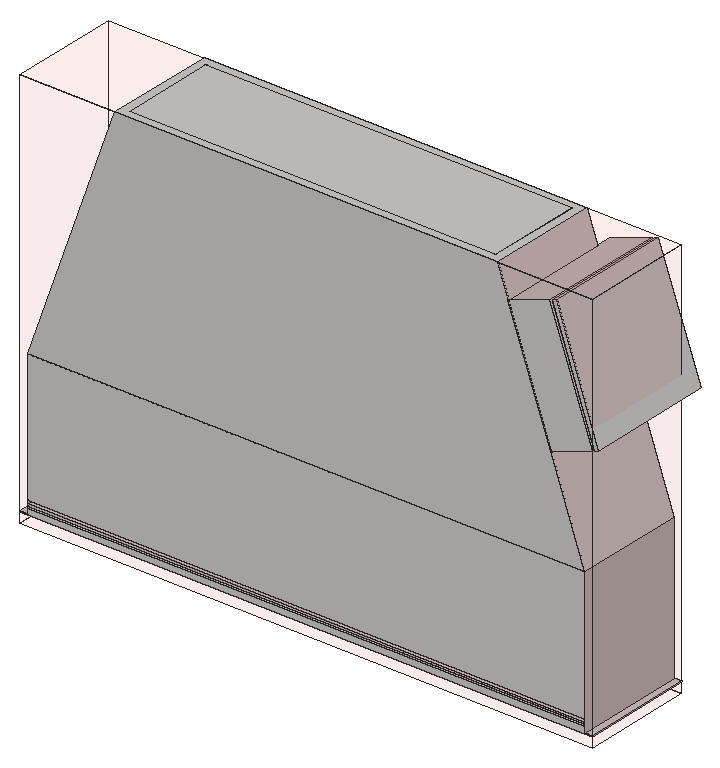
Revit family "Air-Curtain_Industrial_PoweredAire_Gas-Direct", category Mechanical Equipment, host Face, Revit 2017
Family settings
  Host = Face
  Round Connector Dimension = Use Diameter
  Part Type = Normal
  OmniClass Number = 23.75.35.17.21
  OmniClass Title = Air Curtains
  Cut with Voids When Loaded = No
  Shared = No
  Room Calculation Point = No
Parameters
  topbracket [instance] = Unit Height = 1' 4 3/4"  # no
  Warranty Duration (Years) = 0
  Unit Width Notes = "Other Widths available."  # constant formula
  Unit Width = 9' - 0"
  Unit Weight = 0
  Unit Height = 1' - 9"
  Unit Depth = 2' - 3 1/4"
  URL = "http://www.poweredaire.com/"
  Test Data = ""
  Standards Conformance = "as Specified"
  Specification = "http://www.arcat.com/sdspecs/htm04/23_34_33pai.htm"
  SpecWizard = ""
  Sound Pressure = "as Specified"
  Sales Information = "http://www.poweredaire.com/contact_us"
  Revision = "R1_2016-08"
  Projection from Host [instance] = 0' - 2"
  Product Properties = ""
  Product Data = "http://www.arcat.com/arcatcos/cos47/arc47623.html"
  Power Rating = 0 W
  Piping_Operating Pressure [instance] = 0.00 psi
  Pipe OD [instance] = 5/8"
  Overall Depth = 6' - 1 3/4"
  Nozzle Width = if(1 = 1, Unit Width - 0' 3", 0' 0")  # 8' - 9"
  Mounting Width = if(1 = 1, Unit Width - 0' 1 1/2", 0' 0")  # 8' - 10 1/2"
  Mounting Height [instance] = 3' - 6"
  Motor RPM = 0
  Motor HP = 0
  Motor Count = 0
  Model = "As Specified"
  Max Height = 0' - 0"
  Manufacturer Website = "http://www.poweredaire.com/"
  Manufacturer Phone - Toll Free = "888-321-2473"
  Manufacturer Phone = "724-588-3305"
  Manufacturer Fax = "724-588-3371"
  Manufacturer Address = "109 Mortensen Rd.  Greenville, PA 16125"
  Manufacturer = "Powered Aire, Inc"
  Maintenance Schedule (Months) = 0
  Keynote = "23 34 33"
  Intake Width = 6' - 0 1/16"
  Installation-Fabrication = ""
  Installation Phase = ""
  Include Clearance [instance] = yes
  Heating Element Load = 0 W
  Filter Weight = 0
  Front Grating Material [instance] = Metal - Steel - PoweredAire - Stainless 304 Perforated
  HVAC_Temperature Rise = 0 °F
  HVAC_Primary CFM = 0 CFM
  HVAC_Outlet Volume = 0 CFM
  HVAC_Outlet Velocity Uniformity = 0
  HVAC_Outlet Velocity = 0 FPM
  HVAC_Exit Temperature [instance] = 0 °F
  HVAC_BTU Output = 0.0 Btu/h
  HVAC_BTU Input = 0.0 Btu/h
  Green Building-LEED = "http://www.arcat.com/green/clients/leed_data_47623.html"
  Gas Connection Diameter [instance] = 0"
  Frame Finish [instance] = Metal - Steel - PoweredAire - Stainless 304
  Expected Lifespan (Years) = 0
  Exhaust Connection Diameter = 0' - 5"
  Electrical_Wattage [instance] = Power Rating + Heating Element Load  # 0 W
  Electrical_Voltage [instance] = 0 V
  Electrical_Phase [instance] = 1
  Electrical_Frequency [instance] = 0 Hz
  Electrical_Amperage [instance] = 0 A
  Drawn By = "Sumex Design, Inc. / Robert S. Weygant, CSI, CDT, SCIP"
  Description = "Powered Aire Air Curtain as Specified"
  Default Elevation = 0' - 0"  # constant formula
  Copyright = "©Arcat Inc."
  Construction Details = "http://www.arcat.com/details/powair/prod3336.html"
  Clearance_Top [instance] = 0' - 0"
  Clearance_Side B [instance] = 0' - 0"
  Clearance_Side A [instance] = 0' - 0"
  Clearance_Intake [instance] = 0' - 0"
  Clearance_Bottom [instance] = 0' - 0"
  Clearance Material [instance] = ARCAT Clearance
  Building Codes = ""
  Available Options [instance] = "as Specified"
  Assembly Code = "D3090400"
Reference planes
  plane 1 "Center (Elevation)": y = 3.51
  plane 2: z = 0
  plane 3 "Center (Left/Right)": x = 0
  plane 4 "Top": y = 270.21
  plane 5: y = -263.19
  plane 6: x = -1371.6
  plane 7: x = 1371.6
  plane 8 "Front": z = 742.95
  plane 9 "FF": y = -1063.29
  plane 10: z = 50.8
  plane 11: x = 1333.5
  plane 12: x = -1333.5
  plane 13: y = 270.21
  plane 14: y = -263.19
  plane 15: x = -1371.6
  plane 16: x = 1371.6
  plane 17: z = 1924.05
  plane 18: x = 1331.913
  plane 19: x = -1331.912
  plane 20: x = 1333.5
  plane 21: x = 1333.5
  plane 22: y = 206.71
  plane 23: y = -199.69
  plane 24: z = 1924.05
  plane 25: x = -915.194
  plane 26: x = 915.194
Forms (mm)
  Extrusion 1, solid, material "Metal - Steel - PoweredAire - Stainless 304" <- "Frame Finish"
    sketch origin (0, 0, 0) x (0, 1, 0) y (0, 0, 1)
      loop
        line (-263.19, 50.8) -> (270.21, 50.8) -> (270.21, 742.95) -> (-263.19, 742.95) -> (-263.19, 50.8)
    from -1333.5 to 1333.5
  Extrusion 2, solid, material "ARCAT Clearance" <- "Clearance Material", visible <- "Include Clearance"
    sketch origin (0, 0, 0) x (0, 1, 0) y (0, 0, 1)
      loop
        line (-263.19, 1924.05) -> (-263.19, 0) -> (270.21, 0) -> (270.21, 1924.05) -> (-263.19, 1924.05)
    from -1371.6 to 1371.6
  Extrusion 3, solid, material "Metal - Steel - PoweredAire - Stainless 304" <- "Frame Finish"
    sketch origin (-385.496, -4572, 50.8) x (-1, 0, 0) y (0, -1, 0)
      loop
        line (-1718.996, -4842.21) -> (-1718.996, -4308.81) -> (-1757.096, -4308.81) -> (-1757.096, -4842.21) -> (-1718.996, -4842.21)
      loop
        line (948.004, -4842.21) -> (986.104, -4842.21) -> (986.104, -4308.81) -> (948.004, -4308.81) -> (948.004, -4842.21)
    from 0 to 3.175
  Extrusion 4, solid, material "Metal - Steel - PoweredAire - Stainless 304" <- "Frame Finish", visible <- "topbracket"
    sketch origin (-300.688, 270.21, 1219.2) x (-1, 0, 0) y (0, 0, 1)
      loop
        line (-1634.188, -1155.7) -> (-1634.188, -1085.85) -> (-1672.288, -1085.85) -> (-1672.288, -1155.7) -> (-1634.188, -1155.7)
      loop
        line (-1634.188, -546.1) -> (-1634.188, -476.25) -> (-1672.288, -476.25) -> (-1672.288, -546.1) -> (-1634.188, -546.1)
      loop
        line (1032.812, -1155.7) -> (1070.912, -1155.7) -> (1070.912, -1085.85) -> (1032.812, -1085.85) -> (1032.812, -1155.7)
      loop
        line (1032.812, -546.1) -> (1070.912, -546.1) -> (1070.912, -476.25) -> (1032.812, -476.25) -> (1032.812, -546.1)
    from 0 to -3.175
  Extrusion 5, void
    sketch origin (0, 0, 0) x (0, 1, 0) y (0, 0, 1)
      loop
        line (-263.19, 76.2) -> (-237.79, 76.2) -> (-237.79, 114.3) -> (-263.19, 114.3) -> (-263.19, 97.136) -> (-241.519, 97.136) -> (-241.519, 90.786) -> (-263.19, 90.786) -> (-263.19, 76.2)
    from -1331.912 to 1331.913
  Extrusion 6, solid, material "Metal - Steel - PoweredAire - Stainless 304" <- "Frame Finish"
    sketch origin (0, 3.51, 0) x (1, 0, 0) y (0, 0, 1)
      loop
        line (-1333.5, 742.95) -> (1333.5, 742.95) -> (915.194, 1924.05) -> (-915.194, 1924.05) -> (-1333.5, 742.95)
    from -266.7 to 266.7
  Extrusion 7, solid, material "Metal - Steel - PoweredAire - Stainless 304 Perforated" <- "Front Grating Material"
    sketch origin (-915.194, 3.51, 1924.05) x (1, 0, 0) y (0, 1, 0)
      loop
        line (38.1, 228.6) -> (38.1, -228.6) -> (1792.288, -228.6) -> (1792.288, 228.6) -> (38.1, 228.6)
    from 0 to 0.794
  Extrusion 8, solid, material "Metal - Steel - PoweredAire - Stainless 304" <- "Frame Finish"
    sketch origin (915.194, 3.51, 1924.05) x (0.333847, 0, -0.942627) y (0, 1, 0)
      loop
        line (152.4, -266.7) -> (762, -266.7) -> (762, 342.9) -> (152.4, 342.9) -> (152.4, -266.7)
    from 0 to 244.475
  Sweep 9, void
    path in 3D
      loop
        line (1196.521, -263.19, 1862.011) -> (1400.034, -263.19, 1287.385) -> (1400.034, 346.41, 1287.385) -> (1196.521, 346.41, 1862.011) -> (1196.521, -263.19, 1862.011)
    profile origin (1196.521, 41.61, 1862.011) x (0.333847, 0, -0.942627) y (0.942627, 0, 0.333847)
      loop
        line (0, -19.05) -> (0, -31.75) -> (6.35, -31.75) -> (6.35, -19.05) -> (0, -19.05)
Cuts and joins
  Extrusion 5 cuts Extrusion 1
  Sweep 9 cuts Extrusion 8
Lines and regions (mm)
  sketch lines
    curve 1: line (1196.521, 346.41, 1862.011) -> (1196.521, -263.19, 1862.011)
    curve 2: line (1400.034, 346.41, 1287.385) -> (1196.521, 346.41, 1862.011)
    curve 3: line (1196.521, -263.19, 1862.011) -> (1400.034, -263.19, 1287.385)
    curve 4: line (1400.034, -263.19, 1287.385) -> (1400.034, 346.41, 1287.385)
Dimensions and locks
  equal spacing: plane 4 "Top", plane 1 "Center (Elevation)", plane 5
  "Unit Height": plane 4 "Top" to plane 5
  equal spacing: plane 6, plane 3 "Center (Left/Right)", plane 7
  "Unit Width": plane 6 to plane 7
  "Mounting Height": plane 1 "Center (Elevation)" to plane 9 "FF"
  "Projection from Host": plane 10 to level
  "Unit Depth": plane 8 "Front" to plane 10
  locked: plane 6 to plane 12 at 38.1
  locked: plane 11 to plane 7 at 38.1
  "Clearance_Side A": plane 7 to plane 16
  "Clearance_Side B": plane 15 to plane 6
  "Clearance_Top": plane 13 to plane 4 "Top"
  "Clearance_Bottom": plane 5 to plane 14
  "Clearance_Intake": plane 17 to plane 24
  Extrusion 5 sketch curve to Extrusion 5 sketch curve to Extrusion 5 sketch curve to Extrusion 5 sketch curve to plane 10 = 0' - 0.67575" locked, 0' - 0 1/4" locked, 0' - 0.57425" locked, 0' - 1" locked
  plane 5 to Extrusion 5 sketch curve to Extrusion 5 sketch curve = 0' - 0.85319" locked, 0' - 0.14681" locked
  locked: plane 19 to plane 12 at 1.587
  locked: plane 11 to plane 18 at 1.587
  locked: plane 20 to plane 11
  locked: plane 21 to plane 11
  locked: plane 4 "Top" to plane 22 at 63.5
  locked: plane 23 to plane 5 at 63.5
  "Overall Depth": plane 24 to plane 10
  Extrusion 4 sketch curve to Extrusion 4 sketch curve to plane 10 = 0' - 2 3/4" locked, 0' - 0 1/2" locked  (x2)
  plane 8 "Front" to Extrusion 4 sketch curve to Extrusion 4 sketch curve = 0' - 0" locked, 0' - 2 3/4" locked  (x2)
  equal spacing: plane 25, plane 3 "Center (Left/Right)", plane 26
  "Intake Width": plane 25 to plane 26
  locked: plane 4 "Top" to Extrusion 7 sketch curve at 38.1
  locked: Extrusion 7 sketch curve to plane 5 at 38.1
  locked: plane 25 to Extrusion 7 sketch curve at 38.1
  locked: Extrusion 7 sketch curve to plane 26 at 38.1
  aligned and locked: plane 2 to host face
  aligned and locked: level to host face
  aligned and locked: Extrusion 2 sketch curve to plane 17
  aligned and locked: plane 14 to Extrusion 2 sketch curve
  aligned and locked: level to Extrusion 2 sketch curve
  aligned and locked: Extrusion 2 sketch curve to plane 13
  aligned and locked: plane 16 to Extrusion 2
  aligned and locked: Extrusion 2 to plane 15
  aligned and locked: plane 11 to Extrusion 1
  aligned and locked: Extrusion 1 to plane 12
  aligned and locked: Extrusion 1 sketch curve to plane 8 "Front"
  aligned and locked: plane 18 to cut or joined group of Extrusion 1, Extrusion 5
  aligned and locked: cut or joined group of Extrusion 1, Extrusion 5 to plane 19
  aligned and locked: Extrusion 6 sketch curve to plane 8 "Front"
  aligned and locked: plane 21 to Extrusion 6 sketch curve
  aligned and locked: plane 12 to Extrusion 6 sketch curve
  aligned and locked: Extrusion 6 sketch curve to plane 24
  aligned and locked: plane 25 to Extrusion 6 sketch curve
  aligned and locked: plane 26 to Extrusion 6 sketch curve
  aligned and locked: plane 4 "Top" to Extrusion 6
  aligned and locked: Extrusion 6 to plane 5
Automatic sketch dimensions
  host sketch curve to host sketch curve = 8' - 0"  (x2)
  plane 4 "Top" to Extrusion 3 sketch curve = 0' - 0"
  Extrusion 3 sketch curve to plane 7 = 0' - 0"
  plane 5 to Extrusion 3 sketch curve = 0' - 0"
  Extrusion 3 sketch curve to plane 11 = 0' - 0"
  Extrusion 3 sketch curve to plane 4 "Top" = 0' - 0"
  Extrusion 3 sketch curve to plane 12 = 0' - 0"
  Extrusion 3 sketch curve to plane 6 = 0' - 0"
  Extrusion 3 sketch curve to plane 5 = 0' - 0"
  Extrusion 4 sketch curve to plane 7 = 0' - 0"  (x2)
  Extrusion 4 sketch curve to plane 11 = 0' - 0"  (x2)
  Extrusion 4 sketch curve to plane 12 = 0' - 0"  (x2)
  Extrusion 4 sketch curve to plane 6 = 0' - 0"  (x2)
  Extrusion 5 sketch curve to plane 5 = 0' - 0"  (x2)
  Extrusion 1 sketch curve to plane 5 = 0' - 0"
  Extrusion 1 sketch curve to plane 4 "Top" = 0' - 0"
  Extrusion 1 sketch curve to plane 10 = 0' - 0"
  Extrusion 8 sketch curve to Extrusion 6 = 0' - 3"
  Extrusion 6 to Extrusion 8 sketch curve = 1' - 7.33021"
  Extrusion 8 sketch curve to Extrusion 6 = 0' - 0"
  Extrusion 8 sketch curve to Extrusion 6 = 0' - 6"
  profile plane to Sweep 9 sketch curve = 0' - 0"
  Sweep 9 sketch curve to profile plane = 0' - 0 3/4"
  Sweep 9 sketch curve to Sweep 9 sketch curve = 0' - 0 1/2"
  Sweep 9 sketch curve to Sweep 9 sketch curve = 0' - 0 1/4"
Connectors
  electrical at (-1333.5, 3.51, 396.875), driven by "Electrical_Voltage", driven by "Electrical_Phase"
    settings: on cut or joined group of Extrusion 1, Extrusion 5, index 3, voltage 0 V, apparent load 0 VA, apparent load phase1 0 VA, apparent load phase2 0 VA, apparent load phase3 0 VA, power factor 1, load classification "Motor", number of poles 1, system type 31, power factor state 1, is connector primary yes, connector utility no, sub classification motor no, connector description ""
